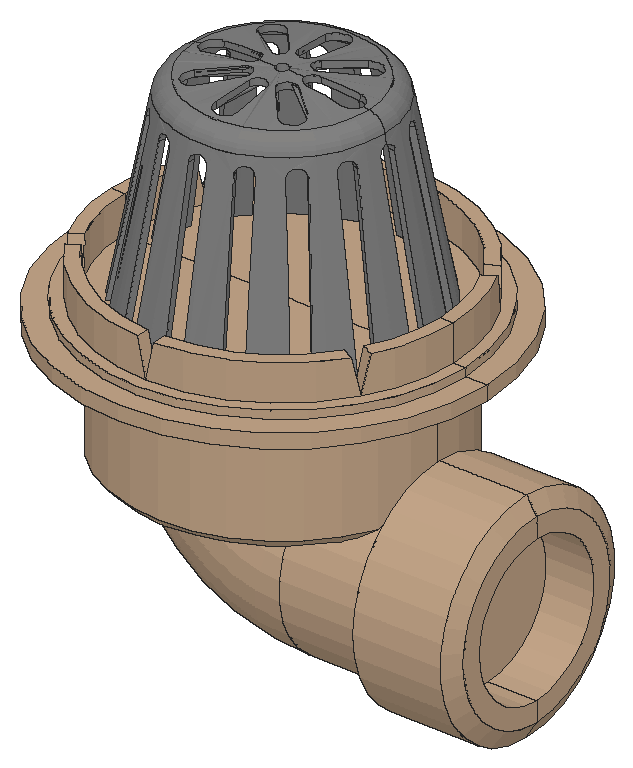
Revit family "Drain_Roof-Low_Profile_Dome-JayRSmith-1340_Series", category Plumbing Fixtures, Revit 2014
Parameters (values of type "1340C - 3"")
  Width = 5 1/4"
  Waste Connection Radius = 1 1/2"
  Waste Connection Diameter = Waste Connection Radius * 2  # 3"
  Waste Connection = yes
  Vent Connection = no
  URL = "www.jrsmith.com"
  Threaded Outlet = no
  Product Page URL = "http://www.jrsmith.com/product.aspx?ProductId=123&title=8+1%2f2%22+Diameter+Body+Roof+Drain-+Low+Profile+Dome"
  Product Function = "Used in flat roofs, gutters or valleys of any construction. Small diameter pan is particularly adaptable to gutters and valleys where limited space is available. Flashing clamp holds flashing and roofing materials without puncturing. Low profile dome provides sufficient free area for quick drainage of rain water and protects the drain sump and connected piping from the intrusion of debris."  # constant formula
  Product Documentation Link = "http://www.jrsmith.com/uploads/fileLibrary/d1330.pdf"
  Price = "Prices may vary. Please consult Manufacturer Representative for most up-to-date price list."  # constant formula
  Phone Number = "416-250-5656"  # constant formula
  Outlet Pipe Radius = 1 7/8"
  Omniclass Table 23 Title = "Waste Water Drains"  # constant formula
  Omniclass Table 23 Code = "23.70.50.21.24"  # constant formula
  Model = "1340"
  Material = Metal-Jay R Smith-Stainless Steel
  Masterformat Title = "Sanitary Drains"  # constant formula
  Masterformat Number = "22 13 19.13"  # constant formula
  Manufacturer = "Jay R. Smith"
  Length = Width  # 5 1/4"
  Height = 10 1/2"
  HW Connection = no
  Description = "General purpose roof drains. 8 1/2\" diameter - low profile dome."
  Default Elevation = 0"
  Creation Date = "10/28/2016"  # constant formula
  Created By = "Allied Technical Services"  # constant formula
  Connection Distance from Rim = 4"
  Caulk Outlet = yes
  CW Connection = no
  Assembly Code = "D2030300"
  ATS URL = "http://www.atsspec.net"
Types (7): name | Waste Connection Radius | Waste Connection Diameter | Threaded Outlet | Outlet Pipe Radius | Connection Distance from Rim | Caulk Outlet
  (no name) | 1 1/2" | 3" | no | 1 7/8" | 4" | yes
  1340C - 3" | 1 1/2" | 3" | no | 1 7/8" | 4" | yes
  1340C - 2" | 1" | 2" | no | 1 1/2" | 4 1/2" | yes
  1340C - 4" | 2" | 4" | no | 1 7/8" | 3 1/2" | yes
  1340T - 4" | 2" | 4" | yes | 1 7/8" | 3 1/2" | no
  1340T - 3" | 1 1/2" | 3" | yes | 1 7/8" | 4" | no
  1340T - 2" | 1" | 2" | yes | 1 1/2" | 4 1/2" | no
Reference planes (in)
  plane 1 "Center (Front/Back)": y = 0
  plane 2: z = 0
  plane 3 "Center (Left/Right)": x = 0
  plane 4: x = -4.25
  plane 5: x = 4.25
  plane 6: z = -1.125
  plane 7: z = -4
  plane 8: z = -6.25
  plane 9: x = -2.125
  plane 10: x = -1.0625
Forms (in)
  Revolve 1, solid, material "Metal-Jay R Smith-Duco Cast Iron"
    sketch origin (0, 0, 0) x (1, 0, 0) y (0, 0, 1)
      loop
        line (-3.27742, 0.91529) -> (-3.54632, 0.91529) -> (-3.54632, 0.16529) -> (-3.79632, 0.16529) -> (-3.79632, 0) -> (-4.25, 0) -> (-4.25, -0.29371) -> (-3.21422, -0.59071) -> (-3.21422, -2.59071) -> (-3.03745, -2.76749) -> (0, -2.76749) -> (0, 0.16529) -> (-3.27742, 0.16529) -> (-3.27742, 0.91529)
      axis (0, -2.76749) -> (0, 0.91529)
    angle from 0 to 360
  Revolve 2, solid, material "Metal-Jay R Smith-Duco Cast Iron"
    sketch origin (0, 0, 0) x (1, 0, 0) y (0, 0, 1)
      loop
        line (2.99939, -5.86835) -> (3.26662, -6.25) -> (5.06816, -6.25) -> (5.26662, -5.90625) -> (5.26662, -5.5) -> (2.99939, -5.5) -> (2.99939, -5.86835)
      axis (5.26662, -4) -> (2.99939, -4)
    angle from 0 to 360
  Sweep 3, solid, material "Metal-Jay R Smith-Duco Cast Iron"
    path origin (0, 0, 0) x (1, 0, 0) y (0, 0, 1)
      loop
        line (4.25, -4) -> (1.4375, -4)
        arc (1.4375, -4) -> (-0.33027, -3.26777) -> (-1.0625, -1.5) r 2.5
        line (-1.0625, -1.5) -> (-1.0625, 0)
    profile origin (-1.0625, 0, -0.75) x (-1, 0, 0) y (0, -1, 0)
      loop
        circle (0, 0) r 1.875
  Extrusion 4, void
    sketch origin (0, 0, 0) x (1, 0, 0) y (0, 0, 1)
      loop
        arc (0.1875, 3.55289) -> (0, 3.74039) -> (-0.1875, 3.55289) r 0.1875
        line (-0.1875, 3.55289) -> (-0.1875, 0.16529) -> (0.1875, 0.16529) -> (0.1875, 3.55289)
    from -2.96305 to 2.98295
  Extrusion 5, void
    sketch origin (-0.00995, -0.00994, 0) x (0.001645, 0.999999, 0) y (0, 0, 1)
      loop
        arc (0.1875, 3.55289) -> (0, 3.74039) -> (-0.1875, 3.55289) r 0.1875
        line (-0.1875, 3.55289) -> (-0.1875, 0.16529) -> (0.1875, 0.16529) -> (0.1875, 3.55289)
    from -2.96305 to 2.98295
  Extrusion 6, void
    sketch origin (0.00704, -0.00291, 0) x (0.707107, -0.707107, 0) y (0, 0, 1)
      loop
        arc (0.1875, 3.55289) -> (0, 3.74039) -> (-0.1875, 3.55289) r 0.1875
        line (-0.1875, 3.55289) -> (-0.1875, 0.16529) -> (0.1875, 0.16529) -> (0.1875, 3.55289)
    from -2.96305 to 2.98295
  Extrusion 7, void
    sketch origin (-0.00703, -0.0029, 0) x (0.708269, 0.705942, 0) y (0, 0, 1)
      loop
        arc (0.1875, 3.55289) -> (0, 3.74039) -> (-0.1875, 3.55289) r 0.1875
        line (-0.1875, 3.55289) -> (-0.1875, 0.16529) -> (0.1875, 0.16529) -> (0.1875, 3.55289)
    from -2.96305 to 2.98295
  Extrusion 8, void
    sketch origin (-0.00381, -0.00076, 0) x (0.92388, 0.382683, 0) y (0, 0, 1)
      loop
        arc (0.1875, 3.55289) -> (0, 3.74039) -> (-0.1875, 3.55289) r 0.1875
        line (-0.1875, 3.55289) -> (-0.1875, 0.16529) -> (0.1875, 0.16529) -> (0.1875, 3.55289)
    from -2.96305 to 2.98295
  Extrusion 9, void
    sketch origin (-0.0092, -0.01375, 0) x (-0.381163, 0.924508, 0) y (0, 0, 1)
      loop
        arc (0.1875, 3.55289) -> (0, 3.74039) -> (-0.1875, 3.55289) r 0.1875
        line (-0.1875, 3.55289) -> (-0.1875, 0.16529) -> (0.1875, 0.16529) -> (0.1875, 3.55289)
    from -2.96305 to 2.98295
  Extrusion 10, void
    sketch origin (0.00381, -0.00076, 0) x (0.92388, -0.382683, 0) y (0, 0, 1)
      loop
        arc (0.1875, 3.55289) -> (0, 3.74039) -> (-0.1875, 3.55289) r 0.1875
        line (-0.1875, 3.55289) -> (-0.1875, 0.16529) -> (0.1875, 0.16529) -> (0.1875, 3.55289)
    from -2.96305 to 2.98295
  Extrusion 11, void
    sketch origin (-0.00919, -0.00613, 0) x (0.384203, 0.923249, 0) y (0, 0, 1)
      loop
        arc (0.1875, 3.55289) -> (0, 3.74039) -> (-0.1875, 3.55289) r 0.1875
        line (-0.1875, 3.55289) -> (-0.1875, 0.16529) -> (0.1875, 0.16529) -> (0.1875, 3.55289)
    from -2.96305 to 2.98295
  Revolve 12, solid, material "Plastic-Jay R Smith-Polyethylene"
    sketch origin (0, 0, 0) x (1, 0, 0) y (0, 0, 1)
      loop
        line (-2.12828, 3.92065) -> (-2.85825, 0.16529) -> (-2.73091, 0.16529) -> (-2.00558, 3.8968)
        arc (-2.00558, 3.8968) -> (-1.92671, 4.04341) -> (-1.77859, 4.11942) r 0.28025
        arc (-1.77859, 4.11942) -> (-0.89261, 4.23468) -> (0, 4.27319) r 10.36241
        line (0, 4.27319) -> (0, 4.39819)
        arc (0, 4.39819) -> (-0.90338, 4.35921) -> (-1.80004, 4.24256) r 10.48741
        arc (-1.80004, 4.24256) -> (-2.01423, 4.13266) -> (-2.12828, 3.92065) r 0.40525
      axis (0, 0.16529) -> (0, 4.39819)
    angle from 0 to 360
  Extrusion 13, void
    sketch origin (0, 0, 0) x (1, 0, 0) y (0, 1, 0)
      loop
        arc (-0.24919, -1.41238) -> (0, -1.68252) -> (0.24919, -1.41238) r 0.25
        line (0.24919, -1.41238) -> (0.18653, -0.63711)
        arc (0.18653, -0.63711) -> (0, -0.46505) -> (-0.18653, -0.63711) r 0.18713
        line (-0.18653, -0.63711) -> (-0.24919, -1.41238)
      loop
        circle (0, 0) r 0.12872
      loop
        line (-0.24919, 1.41238) -> (-0.18653, 0.63711)
        arc (-0.18653, 0.63711) -> (0, 0.46505) -> (0.18653, 0.63711) r 0.18713
        line (0.18653, 0.63711) -> (0.24919, 1.41238)
        arc (0.24919, 1.41238) -> (0, 1.68252) -> (-0.24919, 1.41238) r 0.25
      loop
        arc (1.41238, -0.24919) -> (1.68252, 0) -> (1.41238, 0.24919) r 0.25
        line (1.41238, 0.24919) -> (0.63711, 0.18653)
        arc (0.63711, 0.18653) -> (0.46505, 0) -> (0.63711, -0.18653) r 0.18713
        line (0.63711, -0.18653) -> (1.41238, -0.24919)
      loop
        line (-1.41238, -0.24919) -> (-0.63711, -0.18653)
        arc (-0.63711, -0.18653) -> (-0.46505, 0) -> (-0.63711, 0.18653) r 0.18713
        line (-0.63711, 0.18653) -> (-1.41238, 0.24919)
        arc (-1.41238, 0.24919) -> (-1.68252, 0) -> (-1.41238, -0.24919) r 0.25
      loop
        arc (0.8225, -1.17491) -> (1.18972, -1.18972) -> (1.17491, -0.8225) r 0.25
        line (1.17491, -0.8225) -> (0.5824, -0.31861)
        arc (0.5824, -0.31861) -> (0.32884, -0.32884) -> (0.31861, -0.5824) r 0.18713
        line (0.31861, -0.5824) -> (0.8225, -1.17491)
      loop
        line (-1.17491, 0.8225) -> (-0.5824, 0.31861)
        arc (-0.5824, 0.31861) -> (-0.32884, 0.32884) -> (-0.31861, 0.5824) r 0.18713
        line (-0.31861, 0.5824) -> (-0.8225, 1.17491)
        arc (-0.8225, 1.17491) -> (-1.18972, 1.18972) -> (-1.17491, 0.8225) r 0.25
      loop
        arc (1.17491, 0.8225) -> (1.18972, 1.18972) -> (0.8225, 1.17491) r 0.25
        line (0.8225, 1.17491) -> (0.31861, 0.5824)
        arc (0.31861, 0.5824) -> (0.32884, 0.32884) -> (0.5824, 0.31861) r 0.18713
        line (0.5824, 0.31861) -> (1.17491, 0.8225)
      loop
        line (-0.8225, -1.17491) -> (-0.31861, -0.5824)
        arc (-0.31861, -0.5824) -> (-0.32884, -0.32884) -> (-0.5824, -0.31861) r 0.18713
        line (-0.5824, -0.31861) -> (-1.17491, -0.8225)
        arc (-1.17491, -0.8225) -> (-1.18972, -1.18972) -> (-0.8225, -1.17491) r 0.25
    from 0 to 8.80865
  Extrusion 14, void
    sketch origin (0, 0, 0) x (1, 0, 0) y (0, 0, 1)
      loop
        line (-0.22386, 1.13494) -> (0, 0.16529) -> (0.22386, 1.13494) -> (-0.22386, 1.13494)
    from -5.12008 to 5.04621
  Extrusion 15, void
    sketch origin (0.03199, 0.0554, 0) x (-0.5, 0.866025, 0) y (0, 0, 1)
      loop
        line (-0.22386, 1.13494) -> (0, 0.16529) -> (0.22386, 1.13494) -> (-0.22386, 1.13494)
    from -5.12008 to 5.04621
  Extrusion 16, void
    sketch origin (0.03199, -0.0554, 0) x (-0.5, -0.866025, 0) y (0, 0, -1)
      loop
        line (-0.22386, -1.13494) -> (0.22386, -1.13494) -> (0, -0.16529) -> (-0.22386, -1.13494)
    from -5.12008 to 5.04621
Cuts and joins
  Extrusion 4, Extrusion 5, Extrusion 6, Extrusion 7, Extrusion 8, Extrusion 9, Extrusion 10, Extrusion 11, Extrusion 14, Extrusion 15, Extrusion 16 cuts Revolve 1
  Extrusion 5, Extrusion 6, Extrusion 7, Extrusion 8, Extrusion 9, Extrusion 10, Extrusion 11, Extrusion 14, Extrusion 15, Extrusion 16 cuts Sweep 3
  joined: Revolve 1, Sweep 3
  Extrusion 4, Extrusion 5, Extrusion 6, Extrusion 7, Extrusion 8, Extrusion 9, Extrusion 10, Extrusion 11, Extrusion 13 cuts Revolve 12
Dimensions and locks (in)
  plane 2 to plane 6 = 1 1/8"
  plane 2 to plane 8 = 6 1/4"
  "Connection Distance from Rim": plane 2 to plane 7
  locked: Revolve 2 sketch curve to plane 8 at 0.34375
  locked: Revolve 2 sketch curve to plane 8 at 0.38165
  equal spacing: plane 3 "Center (Left/Right)", plane 9, plane 4
  equal spacing: plane 3 "Center (Left/Right)", plane 10, plane 9
  locked: plane 2 to Revolve 1 sketch curve at 2.76749
  locked: plane 2 to Revolve 1 sketch curve at 2.59071
  "Waste Connection Radius": plane 7 to Revolve 2 sketch curve
  "Outlet Pipe Radius": radius of Sweep 3 sketch curve
  locked: plane 4 to Revolve 1 sketch curve (angle 45.00°)
  aligned and locked: Revolve 2 sketch curve to plane 7
  aligned and locked: plane 8 to Revolve 2 sketch curve
  aligned and locked: plane 10 to Sweep 3 sketch curve
  aligned and locked: Sweep 3 sketch curve to plane 7
  aligned and locked: plane 5 to Sweep 3 sketch curve
  aligned and locked: level to Sweep 3 sketch curve
Automatic sketch dimensions
  Revolve 1 sketch curve to plane 4 = 0"
  Revolve 1 sketch curve to level = 0"
  Revolve 1 sketch curve to plane 3 "Center (Left/Right)" = 0"  (x2)
  plane 4 to Revolve 1 sketch curve = 0.45368"
  Revolve 1 sketch curve to Revolve 1 sketch curve = 1/4"
  Revolve 1 sketch curve to Revolve 1 sketch curve = 0.26889"
  Revolve 1 sketch curve to Revolve 1 sketch curve = 0.0632"
  Revolve 1 sketch curve to level = 0.29371"
  Revolve 1 sketch curve to plane 6 = 0.53429"
  Revolve 1 sketch curve to Revolve 1 sketch curve = 0.16529"
  level to Revolve 1 sketch curve = 0.16529"
  Revolve 1 sketch curve to Revolve 1 sketch curve = 3/4"
  Revolve 1 sketch curve to Revolve 1 sketch curve = 4.33471"
  Revolve 1 sketch curve to Revolve 1 sketch curve = 1 1/4"
  plane 6 to Sweep 3 sketch curve = 3/8"
  plane 1 "Center (Front/Back)" to Sweep 3 sketch curve = 0"
  Sweep 3 sketch curve to profile plane = 0"
  Extrusion 4 sketch curve to plane 3 "Center (Left/Right)" = 0"
  Extrusion 4 sketch curve to Extrusion 4 sketch curve = 3/16"
  level to Extrusion 4 sketch curve = 0.16529"
  Extrusion 4 sketch curve to Extrusion 4 sketch curve = 3.38761"
  level to Extrusion 5 sketch curve = 0.16529"
  Extrusion 5 sketch curve to Extrusion 5 sketch curve = 3/16"
  Extrusion 5 sketch curve to Extrusion 5 sketch curve = 3.38761"
  level to Extrusion 6 sketch curve = 0.16529"
  Extrusion 6 sketch curve to Extrusion 6 sketch curve = 3/16"
  Extrusion 6 sketch curve to Extrusion 6 sketch curve = 3.38761"
  level to Extrusion 7 sketch curve = 0.16529"
  Extrusion 7 sketch curve to Extrusion 7 sketch curve = 3/16"
  Extrusion 7 sketch curve to Extrusion 7 sketch curve = 3.38761"
  level to Extrusion 8 sketch curve = 0.16529"
  Extrusion 8 sketch curve to Extrusion 8 sketch curve = 3/16"
  Extrusion 8 sketch curve to Extrusion 8 sketch curve = 3.38761"
  level to Extrusion 9 sketch curve = 0.16529"
  Extrusion 9 sketch curve to Extrusion 9 sketch curve = 3/16"
  Extrusion 9 sketch curve to Extrusion 9 sketch curve = 3.38761"
  level to Extrusion 10 sketch curve = 0.16529"
  Extrusion 10 sketch curve to Extrusion 10 sketch curve = 3/16"
  Extrusion 10 sketch curve to Extrusion 10 sketch curve = 3.38761"
  level to Extrusion 11 sketch curve = 0.16529"
  Extrusion 11 sketch curve to Extrusion 11 sketch curve = 3/16"
  Extrusion 11 sketch curve to Extrusion 11 sketch curve = 3.38761"
  Revolve 12 sketch curve to Revolve 12 sketch curve = 0"  (x4)
  Revolve 12 sketch curve to plane 3 "Center (Left/Right)" = 0"  (x2)
  Revolve 12 sketch curve to plane 3 "Center (Left/Right)" = 1 187/256"
  Revolve 12 sketch curve to Revolve 12 sketch curve = 0.2751"
  Revolve 12 sketch curve to Revolve 12 sketch curve = 0.1227"
  level to Revolve 12 sketch curve = 0.16529"
  plane 4 to Revolve 12 sketch curve = 1.51909"
  Revolve 12 sketch curve to Revolve 12 sketch curve = 0.12734"
  Revolve 12 sketch curve to plane 8 = 0.16078"
  Revolve 12 sketch curve to Revolve 12 sketch curve = 3.67804"
  Revolve 12 sketch curve to Revolve 12 sketch curve = 0.05347"
  Revolve 12 sketch curve to Revolve 12 sketch curve = 0.02385"
  Revolve 12 sketch curve to Revolve 12 sketch curve = 0.42986"
  Revolve 12 sketch curve to Revolve 12 sketch curve = 1/8"
  Revolve 12 sketch curve to Revolve 12 sketch curve = 0.26709"
  Revolve 12 sketch curve to Revolve 12 sketch curve = 1 1/2"
  plane 1 "Center (Front/Back)" to Extrusion 13 sketch curve = 0"  (x5)
  Extrusion 13 sketch curve to plane 3 "Center (Left/Right)" = 0"  (x5)
  Extrusion 13 sketch curve to plane 3 "Center (Left/Right)" = 0.18653"  (x2)
  Extrusion 13 sketch curve to plane 3 "Center (Left/Right)" = 0.24919"  (x2)
  Extrusion 13 sketch curve to Extrusion 13 sketch curve = 0.13209"  (x4)
  Extrusion 13 sketch curve to Extrusion 13 sketch curve = 0.14255"  (x8)
  plane 1 "Center (Front/Back)" to Extrusion 13 sketch curve = 0.31861"  (x2)
  Extrusion 13 sketch curve to Extrusion 13 sketch curve = 0.12123"  (x4)
  Extrusion 13 sketch curve to plane 1 "Center (Front/Back)" = 0.31861"  (x2)
  Extrusion 13 sketch curve to plane 1 "Center (Front/Back)" = 0.18653"  (x2)
  Extrusion 13 sketch curve to Extrusion 13 sketch curve = 0.05471"  (x4)
  plane 1 "Center (Front/Back)" to Extrusion 13 sketch curve = 0.18653"  (x2)
  Extrusion 13 sketch curve to Extrusion 13 sketch curve = 0.01508"  (x4)
  Extrusion 13 sketch curve to Extrusion 13 sketch curve = 0.57331"  (x8)
  Extrusion 13 sketch curve to Extrusion 13 sketch curve = 0.19044"  (x8)
  Extrusion 13 sketch curve to Extrusion 13 sketch curve = 0.16196"  (x4)
  plane 1 "Center (Front/Back)" to Extrusion 13 sketch curve = 0.24919"  (x2)
  Extrusion 13 sketch curve to Extrusion 13 sketch curve = 0.23747"  (x4)
  Extrusion 13 sketch curve to plane 1 "Center (Front/Back)" = 0.24919"  (x2)
  Extrusion 13 sketch curve to Extrusion 13 sketch curve = 0.02014"  (x4)
  plane 3 "Center (Left/Right)" to Extrusion 13 sketch curve = 0.18653"  (x2)
  plane 3 "Center (Left/Right)" to Extrusion 13 sketch curve = 0.24919"  (x2)
  Extrusion 14 sketch curve to plane 3 "Center (Left/Right)" = 0"
  Extrusion 14 sketch curve to plane 3 "Center (Left/Right)" = 0.22386"
  plane 3 "Center (Left/Right)" to Extrusion 14 sketch curve = 0.22386"
  level to Extrusion 14 sketch curve = 0.16529"
  Extrusion 14 sketch curve to Extrusion 14 sketch curve = 0.96965"
  level to Extrusion 15 sketch curve = 1.13494"
  level to Extrusion 15 sketch curve = 0.16529"
  Extrusion 15 sketch curve to Extrusion 15 sketch curve = 0.22386"
  Extrusion 15 sketch curve to Extrusion 15 sketch curve = 0.44772"
  level to Extrusion 16 sketch curve = 1.13494"
  level to Extrusion 16 sketch curve = 0.16529"
  Extrusion 16 sketch curve to Extrusion 16 sketch curve = 0.22386"
  Extrusion 16 sketch curve to Extrusion 16 sketch curve = 0.44772"
  plane 5 to Revolve 2 sketch curve = 1.25061"
  Revolve 2 sketch curve to Revolve 2 sketch curve = 0.26723"
  Revolve 2 sketch curve to plane 5 = 0.81816"
  Revolve 2 sketch curve to Revolve 2 sketch curve = 0.19846"
  plane 3 "Center (Left/Right)" to Revolve 2 sketch curve = 1 1/4"
  plane 3 "Center (Left/Right)" to Revolve 2 sketch curve = 1/4"
  radius of Extrusion 13 sketch curve = 0.12872"
Connectors (in)
  piping at (5.26662, 0, -4), diameter 3, driven by "Waste Connection Radius"
    settings: on Revolve 2, index 1, connector inside diameter 24", connector length 0", flow factor 0, pipe flow 0 GPM, pressure drop 0.00 psi, fitting loss kfactor 0, connector angle 0.00°, fixture units 0, engagement length 0", angle of deflection 0.00°, flow configuration 0, flow direction 2, fitting loss method 0, system type 29, joint type 0, gender type 0, connector reference index -1, connector utility 0, adjustable connector no, is connector primary yes, connector description "Outlet Connection"
